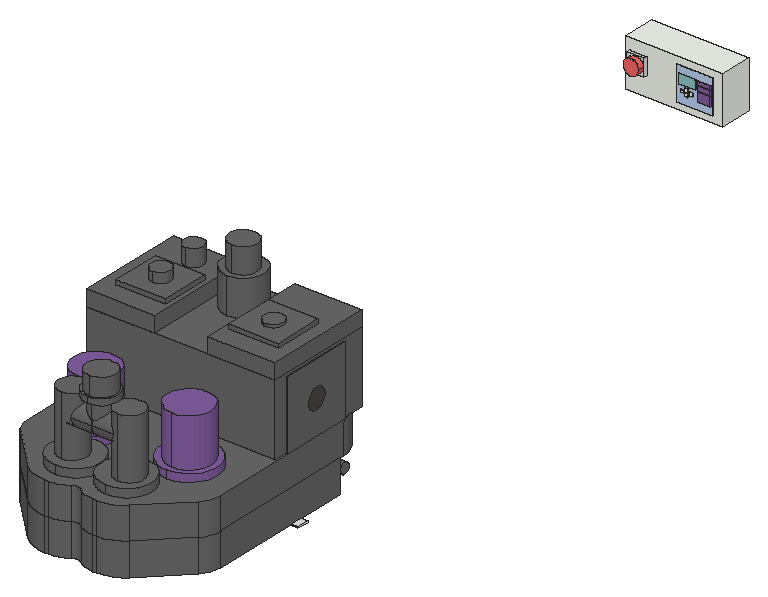
Revit family "11095", category Generic Models, Revit 2021
Family settings
  Can host rebar = No
  Round Connector Dimension = Use Diameter
  Part Type = Normal
  Work Plane-Based = No
  Always vertical = Yes
  Cut with Voids When Loaded = No
  Shared = Yes
  Room Calculation Point = No
Parameters (values of type "11095")
  SUPPLIER = "KESSEL"
  SA700ID49 = "Protection Class I"
  SA700ID48 = "no"
  SA700ID47 = "no"
  SA700ID46 = "yes"
  SA700ID37 = 8000 mm
  SA700ID34 = 40
  SA700ID33 = 1.4 W
  SA700ID32 = 97.13 kg
  SA700ID31 = 1
  SA700ID30 = 2
  SA700ID29 = "RWDR"
  SA700ID21 = 800
  SA700ID10 = "yes"
  SA700ID08 = 400 V
  PROCUREWEBLINK = "https://p.caden.as/kessel/11095"
  PROCURELINK = "p.caden.as/kessel/11095"
  PROCUREDATALASTUPDATE = "2024-05-22T12:18:04.164613728+01:00"
  PREVIEW = "../../_pool_/e0/2b/11095.png"
  PRC_SPECIFICATIONLINK = "https://ausschreiben.de/catalog/kessel/catalogItem/0493e3ba-d647-4389-9e2f-8c3d746f06e9"
  NN = "Lifting station Aqualift F XL"
  NBSYN = "$SA810ID03."
  NB = "11095"
  Model = "11095"
  Manufacturer = "KESSEL"
  MIdent = "{$CADENAS_DATA/23d-libs/kessel/kessel_vdi_import/4/entwaesserung/hebeanlage20aqualift20f20xl.prj},201 {STYP=ASS},{VTYP=3D},{NB=11095},{LINA=11095},{NN=Lifting station Aqualift F XL},{DATE=21.11.2022 10:48:11},{GEOMDATE=21.11.2022 10:48:11},{VERSION=},{LINEID=220},{WBVAR=LODLEVEL},{WBNUMERIC=LODLEVEL}  {NB=11095},{LINA=11095},{KT=DUMMY},{PREVIEW=../../_pool_/e0/2b/11095.png},{SA700ID04=Hebeanlage Aqualift F XL 200 l, Duo, SPF 1500-S1},{SA810ID06=04026092057629},{SA700ID34=40.00},{SA010ID03=201805},{SA810ID03=11095},{SA810ID10=Aqualift F XL 1500W-S1 Duo 200L o.S.KESSEL Aqualift F XL Hebeanlage für fäkalienhaltiges und fäkalienfreies Abwasser. Zur Aufstellung in frostgeschützten Räumen.Duoanlage mit zwei Pumpen des Typs SPF 1500-S1 Sammelbehälter aus Polyethylen, mit verschraubter Reinigungsöffnung, Anschlussstutzen für Zulauf von oben DN100/150.Inklusive Tauchrohr zur pneumatischen Niveauerfassung,Entlüftungsanschluss DN 70 und Anschluss für eine Handmembranpumpe DN 32.Behälter inklusive Haltewinkel zur Auftriebssicherung.Behältervolumen 200 Liter, max. Nutzvolumen bei Zulauf von oben ca. 120 Liter.Zwei seitliche und zwei rückseitige Anbohrflächen zur Montage weiterer Zuläufe bis DN 200 unter Verwendung von Durchgangsdichtungen.Inklusive KESSEL Schaltgerät Aqualift Comfort 400 V.Anwenderfreundliche Menüführung im mehrzeiligem Display. MitSelbstdiagnosesystem (SDS) und Erinnerungsfunktion für nächste Wartung.Anzeige der aktuellen Messwerte. Einfache Einstellung derfunktionsrelevanten Parameter, inklusive Betriebsstundenzähler und potentialfreiem Kontakt. Optionale Weiterleitung von Alarm- und Sammelstörmeldung über GSM Schnittstelle.Schaltgerät mit Volltextanzeige in sechs Sprachen.Abwasserpumpe(n) mit Freistromrad zur Förderung von fäkalienfreiem und fäkalienhaltigem Abwasser gemäß DIN EN 12050-1. Freier Kugeldurchgang mindestens 40 mm. Pumpe(n) überflutungssicher. Inklusive Rückflussverhinderer, mit Druckabgang aus Kunststoff DN 100. Ohne Absperrschieber.Pumpe(n) Typ SPF 1500-S1Fördermenge: max. 40 m³/hFörderhöhe: max. 8 mNennleistung (P2): 1,1 KW je PumpeAufnahmeleistung (P1): 1,4 KW je PumpeBetriebsspannung: 400 V DSNennfrequenz: 50 HzNennstrom: 2,7 AAbsicherung: 3 x 16 A trägeSchutzart (Pumpe): IP68 3mWS/48hSchutzart (Schaltgerät): IP 65Bertiebsart: S1Kabellänge: 5 mAußenmaße Anlage mit 200 Liter Behälter (BxTxH): 760 x 980 x 770 mmGewicht ca. 97,13 kg},{SA700ID37=8.00},{SA700ID33=1.40},{SA700ID08=400},{SA700ID30=2},{SA700ID32=97.13},{SA700ID49=Schutzklasse I},{SA700ID50=intern},{SA200ID03=6},{SA250ID03=vertikal},{SA260ID03=Trockenläuferpumpe},{SA350ID03=normalansaugend},{SA400ID03=E-Motor für Drehstrom},{SA460ID03=direkt},{SA500ID03=Kunststoff, Edelstahl},{SA700ID06=100},{SA700ID07=100},{SA700ID09=3/N/PE 400V},{SA700ID10=Ja},{SA700ID11=50},{SA700ID12=IP 68},{SA700ID13=F},{SA700ID15=40},{SA700ID21=800.00},{SA700ID22=1.10},{SA700ID23=1415},{SA700ID24=1415},{SA700ID26=2.70},{SA700ID27=21.00},{SA700ID28=durchgehend},{SA700ID29=RWDR},{SA700ID31=1},{SA700ID46=ja},{SA700ID47=nein},{SA700ID48=nein},{SA110ID04=Hebeanlage Aqualift F XL},{SA300ID03=einstufig},{SA700ID44=10.00},{SA700ID45=10.00},{SA010ID04=KESSEL AG},{LODLEVEL=200},{LINK=https://www.kessel.de/info?han=11095},{SA970ID01=970},{SA970ID02=7138},{SA970ID03=11095},{SA970ID04=11002617},{SA970ID05=QUAD},{SA970ID06=-410},{SA970ID07=-850},{SA970ID08=0},{SA970ID09=1},{SA970ID10=0},{SA970ID11=0},{SA970ID12=0},{SA970ID13=1},{SA970ID14=0},{SA970ID15=820},{SA970ID16=980},{SA970ID17=771},{LODLEVEL_=200,'Low'},{LODLEVEL_DEU=200,'Low'},{LINK_=https://www.kessel.de/info?han=11095},{LINK_DEU=https://www.kessel.de/info?han=11095},{LODLEVEL_3DB=11095_200},{DNIN1=100},{DNIN2=70},{DNIN4=10},{DNIN5=10},{DNIN6=50},{DNIN7=50},{DNIN8=50},{DNIN9=50},{DNOUT1=32},{DNOUT2=100},{DNOUT3=70},{ISD1=96},{ISD2=10},{ISDOUT1=40},{ISDOUT2=70},{ISDOUT3=65},{SA010ID01=010},{SA010ID02=4},{SA010ID06=www.kessel.de},{SA010ID07=www.kessel.de},{SA010ID12=20180713},{SA010ID13=DEU},{SA010ID14=DE},{SA100ID01=100},{SA100ID02=4},{SA100ID04=Entwässerung},{SA110ID01=110},{SA110ID02=6},{SA200ID01=200},{SA200ID02=6},{SA250ID01=250},{SA250ID02=2},{SA260ID01=260},{SA260ID02=2},{SA300ID01=300},{SA300ID02=1},{SA350ID01=350},{SA350ID02=1},{SA400ID01=400},{SA400ID02=2},{SA460ID01=460},{SA460ID02=1},{SA500ID01=500},{SA500ID02=1},{SA700ID01=700},{SA700ID02=70},{SA700ID10_=1},{SA700ID16=0},{SA700ID25=0},{SA700ID46_=1},{SA700ID47_=0},{SA700ID48_=0},{SA700ID49_=1},{SA700ID50_=2},{SA800ID01=800},{SA800ID02=34},{SA810ID01=810},{SA810ID02=70},{SA810ID04=11095},{SA810ID07=70},{SA810ID09=1},{SA810ID14=PCE},{SA810ID15=1},{SA810ID16=NMP},{SA960ID03=70},{SA960ID04=3L},{SA960ID08=https://www.kessel.de/info?han=11095},{SA010ID08=4026092000007},{SA100ID05=Hebeanlage},{SA110ID06=Hebeanlage}"
  LINK = "https://www.kessel.de/info?han=11095"
  LINA = "11095"
  Default Elevation = 0 mm
  CREATOR = "CADENAS GmbH"
  CATALOG = "KESSEL"
  BOMINFO = "LINA"
  ARTICLENO = "NB"
  4.810.00.9 Order quantity (multiplicator) = "1"
  4.810.00.7 Media- connection number = "70"
  4.810.00.6 GTIN number = "04026092057629"
  4.810.00.4 DATANORM number = "11095"
  4.810.00.3 Producer order number = "11095"
  4.710.03.7 Mass (net) = 97.13 kg
  4.710.03.6 Height = 788 mm
  4.710.03.5 Width = 760 mm
  4.710.03.4 Length = 980 mm
  4.710.03.3 Type of dimensions = "2"
  4.710.02.8 Area of application of wastewater pump = "1"
  4.710.02.6 Duty type = "S1"
  4.710.02.5 Cutting device = "0"
  4.710.02.4 Attached pump control = "1"
  4.710.02.3 Free passage = 40 mm
  4.710.01.6 Option to connect to building automation = "40"
  4.710.01.5 Load regulation = "0"
  4.710.01.4 Designation of closed-loop control = "120"
  4.710.01.3 Identifier for closed-loop control = "200"
  4.700.00.9 Voltage = 0
  4.700.00.8 Nominal connection size on suction side = "100"
  4.700.00.7 Nominal connection size on pressure side = "100"
  4.700.00.6 Type of connection = "100"
  4.700.00.4 Product indentification = "Hebeanlage Aqualift F XL 200 l, Duo, SPF 1500-S1"
  4.700.00.28 Motor pump shaft = "durchgehend"
  4.700.00.27 Starting current = 21
  4.700.00.26 Maximum power consumption per pump / drive = 2.7
  4.700.00.25 Minimum speed at internal speed adjustment = 0
  4.700.00.24 Nominal speed / maximum speed n = 23.5833
  4.700.00.23 Nominal speed of motor = 23.5833
  4.700.00.22 Maximum shaft output (P2) per pump/drive = 1.1 W
  4.700.00.16 Maximum temperature of pumped medium = 0 °C
  4.700.00.15 Increased safety class = "40 °C"
  4.700.00.13 Type of protection = "F"
  4.700.00.12 Frequency = 0
  4.700.00.11 Stern-/Dreieck-Anlaufschaltung bei Dreiphasenanschluss oder Drehstrom = "50 Hz"
  4.700.00.10 Phase = "1"
  4.500.00.3 Variant / Variant type / Accessories-name = "Kunststoff, Edelstahl"
  4.460.00.3 Variant / Variant type / Accessories-name = "direkt"
  4.400.00.3 Variant / Variant type / Accessories-name = "E-Motor für Drehstrom"
  4.350.00.3 Variant / Variant type / Accessories-name = "normalansaugend"
  4.300.00.3 Variant / Variant type / Accessories-name = "einstufig"
  4.260.00.3 Variant / Variant type / Accessories-name = "Trockenläuferpumpe"
  4.250.00.3 Variant / Variant type / Accessories-name = "vertikal"
  4.200.00.3 Variant / Variant type / Accessories-name = "6"
  4.110.00.6 Product classification = "Hebeanlage"
  4.110.00.4 Product indentification = "Hebeanlage Aqualift F XL"
  4.100.00.5 Main groups of wares = "Hebeanlage"
  4.100.00.4 Product indentification = "Entwässerung"
  4.010.00.8 Producer ID number = "4026092000007"
  4.010.00.7 Comment = "www.kessel.de"
  4.010.00.6 Web address of the manufacturer = "www.kessel.de"
  4.010.00.4 Manufacturer name = "KESSEL AG"
  4.010.00.3 Date of issuance (month) of guideline = "201805"
  4.010.00.2 Sheet number of the guideline = "4"
  4.010.00.14 Kennungen der Projektländer, für die die Datei gültig ist = "DE"
  4.010.00.13 Sprache der Datei = "DEU"
  4.010.00.12 Stand des Herstellerkatalogs = "20180713"
Reference planes
  plane 1 "Center (Front/Back)": y = 0
  plane 2: z = 0
  plane 3 "Center (Left/Right)": x = 0
Forms (mm)
  Extrusion 1, void
    sketch origin (380.5, -115, 392) x (0, -1, 0) y (0, 0, 1)
      loop
        line (-0.5, -0.5) -> (0.5, -0.5) -> (0.5, 0.5) -> (-0.5, 0.5) -> (-0.5, -0.5)
    from 0 to 1
  Extrusion 2, void
    sketch origin (160.15, 130.5, 392) x (1, 0, 0) y (0, 0, 1)
      loop
        line (-0.5, -0.5) -> (0.5, -0.5) -> (0.5, 0.5) -> (-0.5, 0.5) -> (-0.5, -0.5)
    from 0 to 1
  Extrusion 3, void
    sketch origin (-161, 130.5, 392) x (1, 0, 0) y (0, 0, 1)
      loop
        line (-0.5, -0.5) -> (0.5, -0.5) -> (0.5, 0.5) -> (-0.5, 0.5) -> (-0.5, -0.5)
    from 0 to 1
  Extrusion 4, void
    sketch origin (-380.5, -115, 392) x (0, 1, 0) y (0, 0, 1)
      loop
        line (-0.5, -0.5) -> (0.5, -0.5) -> (0.5, 0.5) -> (-0.5, 0.5) -> (-0.5, -0.5)
    from 0 to 1
Dimensions and locks
  locked: plane 2 to Extrusion 1 at 392.5
  locked: plane 2 to Extrusion 1 at 391.5
  locked: plane 2 to Extrusion 2 at 392.5
  locked: plane 2 to Extrusion 2 at 391.5
  locked: plane 2 to Extrusion 3 at 392.5
  locked: plane 2 to Extrusion 3 at 391.5
  locked: plane 2 to Extrusion 4 at 392.5
  locked: plane 2 to Extrusion 4 at 391.5
  aligned and locked: level to plane 2
Nested families
  nested 1: "11095_content" at (0, 0, 0), type "11095_Content"
  nested 2: "11095_part1_X0Y0" at (1000, 1000, 1200), type "11095_PART1_X0Y0"
  nested 3: "11095_part2_X0Y0" at (0, 0, 0), type "11095_PART2_X0Y0"
Connectors
  electrical at (861, 933, 1201.5)
    settings: on nested 2, index 1, voltage 0 V, apparent load 0 VA, apparent load phase1 0 VA, apparent load phase2 0 VA, apparent load phase3 0 VA, power factor 1, load classification "Other", number of poles 1, system type 31, power factor state 1, is connector primary yes, connector utility no, sub classification motor no, connector description ""
  piping at (0, 0, 771), diameter 100
    settings: on nested 3, index 2, connector inside diameter 609.6 mm, connector length 0 mm, flow factor 0, pipe flow 0.0 L/s, pressure drop 0.0 Pa, fitting loss kfactor 0, connector angle 0.00°, fixture units 0, engagement length 0 mm, angle of deflection 0.00°, flow configuration 0, flow direction 1, fitting loss method 2, system type 8, joint type 0, gender type 0, connector reference index -1, connector utility 0, adjustable connector no, is connector primary yes, connector description ""
  piping at (380.5, -115, 392), diameter 70
    settings: on Extrusion 1, index 3, connector inside diameter 609.6 mm, connector length 0 mm, flow factor 0, pipe flow 0.0 L/s, pressure drop 0.0 Pa, fitting loss kfactor 0, connector angle 0.00°, fixture units 0, engagement length 0 mm, angle of deflection 0.00°, flow configuration 0, flow direction 0, fitting loss method 2, system type 8, joint type 0, gender type 0, connector reference index -1, connector utility 0, adjustable connector no, is connector primary no, connector description ""
  piping at (160.15, 130.5, 392), diameter 70
    settings: on Extrusion 2, index 4, connector inside diameter 609.6 mm, connector length 0 mm, flow factor 0, pipe flow 0.0 L/s, pressure drop 0.0 Pa, fitting loss kfactor 0, connector angle 0.00°, fixture units 0, engagement length 0 mm, angle of deflection 0.00°, flow configuration 0, flow direction 0, fitting loss method 2, system type 8, joint type 0, gender type 0, connector reference index -1, connector utility 0, adjustable connector no, is connector primary no, connector description ""
  piping at (-161, 130.5, 392), diameter 70
    settings: on Extrusion 3, index 5, connector inside diameter 609.6 mm, connector length 0 mm, flow factor 0, pipe flow 0.0 L/s, pressure drop 0.0 Pa, fitting loss kfactor 0, connector angle 0.00°, fixture units 0, engagement length 0 mm, angle of deflection 0.00°, flow configuration 0, flow direction 0, fitting loss method 2, system type 8, joint type 0, gender type 0, connector reference index -1, connector utility 0, adjustable connector no, is connector primary no, connector description ""
  piping at (-380.5, -115, 392), diameter 70
    settings: on Extrusion 4, index 6, connector inside diameter 609.6 mm, connector length 0 mm, flow factor 0, pipe flow 0.0 L/s, pressure drop 0.0 Pa, fitting loss kfactor 0, connector angle 0.00°, fixture units 0, engagement length 0 mm, angle of deflection 0.00°, flow configuration 0, flow direction 0, fitting loss method 2, system type 8, joint type 0, gender type 0, connector reference index -1, connector utility 0, adjustable connector no, is connector primary no, connector description ""
  piping at (0, -700, 620), diameter 100
    settings: on nested 3, index 7, connector inside diameter 609.6 mm, connector length 0 mm, flow factor 0, pipe flow 0.0 L/s, pressure drop 0.0 Pa, fitting loss kfactor 0, connector angle 0.00°, fixture units 0, engagement length 0 mm, angle of deflection 0.00°, flow configuration 0, flow direction 2, fitting loss method 2, system type 7, joint type 0, gender type 0, connector reference index -1, connector utility 0, adjustable connector no, is connector primary no, connector description ""
  piping at (-225, 36, 661), diameter 70
    settings: on nested 3, index 8, connector inside diameter 609.6 mm, connector length 0 mm, flow factor 0, pipe flow 0.0 L/s, pressure drop 0.0 Pa, fitting loss kfactor 0, connector angle 0.00°, fixture units 0, engagement length 0 mm, angle of deflection 0.00°, flow configuration 0, flow direction 2, fitting loss method 2, system type 7, joint type 0, gender type 0, connector reference index -1, connector utility 0, adjustable connector no, is connector primary no, connector description ""
  piping at (354.5, 56, 60), diameter 32
    settings: on nested 3, index 9, connector inside diameter 609.6 mm, connector length 0 mm, flow factor 0, pipe flow 0.0 L/s, pressure drop 0.0 Pa, fitting loss kfactor 0, connector angle 0.00°, fixture units 0, engagement length 0 mm, angle of deflection 0.00°, flow configuration 0, flow direction 2, fitting loss method 2, system type 7, joint type 0, gender type 0, connector reference index -1, connector utility 0, adjustable connector no, is connector primary no, connector description ""
  electrical at (185, -497, 477)
    settings: on nested 3, index 10, voltage 0 V, apparent load 0 VA, apparent load phase1 0 VA, apparent load phase2 0 VA, apparent load phase3 0 VA, power factor 1, load classification "Other", number of poles 1, system type 31, power factor state 1, is connector primary no, connector utility no, sub classification motor no, connector description ""
  electrical at (-185, -496.75, 477)
    settings: on nested 3, index 11, voltage 0 V, apparent load 0 VA, apparent load phase1 0 VA, apparent load phase2 0 VA, apparent load phase3 0 VA, power factor 1, load classification "Other", number of poles 1, system type 31, power factor state 1, is connector primary no, connector utility no, sub classification motor no, connector description ""
  electrical at (-222.5, -129, 650)
    settings: on nested 3, index 12, voltage 0 V, apparent load 0 VA, apparent load phase1 0 VA, apparent load phase2 0 VA, apparent load phase3 0 VA, power factor 1, load classification "Other", number of poles 1, system type 31, power factor state 1, is connector primary no, connector utility no, sub classification motor no, connector description ""
Definition of nested family "11095_part1_X0Y0"
  Parameters (values of type "11095_PART1_X0Y0")
    SUPPLIER = "KESSEL"
    SA700ID49 = "Protection Class I"
    SA700ID48 = "no"
    SA700ID47 = "no"
    SA700ID46 = "yes"
    SA700ID37 = 8000 mm
    SA700ID34 = 40
    SA700ID33 = 1.4 W
    SA700ID32 = 97.13 kg
    SA700ID31 = 1
    SA700ID30 = 2
    SA700ID29 = "RWDR"
    SA700ID21 = 800
    SA700ID10 = "yes"
    SA700ID08 = 400 V
    PREVIEW = "../../_pool_/e0/2b/11095.png"
    NBSYN = "$SA810ID03._PART1"
    NB = "11095_PART1"
    Model = "11095_PART1"
    Manufacturer = "KESSEL"
    MIdent = "{$CADENAS_DATA/23d-libs/kessel/kessel_vdi_import/4/entwaesserung/hebeanlage20aqualift20f20xl.prj},221 {VTYP=3D},{NB=11095_PART1},{LINA=11095_PART1},{NN=Lifting station Aqualift F XL_PART1},{NOPRJ=TRUE},{DATE=21.11.2022 10:48:11},{GEOMDATE=21.11.2022 10:48:11},{VERSION=},{LINEID=220},{WBVAR=LODLEVEL},{WBNUMERIC=LODLEVEL}  {NB=11095_PART1},{LINA=11095_PART1},{KT=DUMMY},{PREVIEW=../../_pool_/e0/2b/11095.png},{SA700ID04=Hebeanlage Aqualift F XL 200 l, Duo, SPF 1500-S1},{SA810ID06=04026092057629},{SA700ID34=40.00},{SA010ID03=201805},{SA810ID03=11095},{SA810ID10=Aqualift F XL 1500W-S1 Duo 200L o.S.KESSEL Aqualift F XL Hebeanlage für fäkalienhaltiges und fäkalienfreies Abwasser. Zur Aufstellung in frostgeschützten Räumen.Duoanlage mit zwei Pumpen des Typs SPF 1500-S1 Sammelbehälter aus Polyethylen, mit verschraubter Reinigungsöffnung, Anschlussstutzen für Zulauf von oben DN100/150.Inklusive Tauchrohr zur pneumatischen Niveauerfassung,Entlüftungsanschluss DN 70 und Anschluss für eine Handmembranpumpe DN 32.Behälter inklusive Haltewinkel zur Auftriebssicherung.Behältervolumen 200 Liter, max. Nutzvolumen bei Zulauf von oben ca. 120 Liter.Zwei seitliche und zwei rückseitige Anbohrflächen zur Montage weiterer Zuläufe bis DN 200 unter Verwendung von Durchgangsdichtungen.Inklusive KESSEL Schaltgerät Aqualift Comfort 400 V.Anwenderfreundliche Menüführung im mehrzeiligem Display. MitSelbstdiagnosesystem (SDS) und Erinnerungsfunktion für nächste Wartung.Anzeige der aktuellen Messwerte. Einfache Einstellung derfunktionsrelevanten Parameter, inklusive Betriebsstundenzähler und potentialfreiem Kontakt. Optionale Weiterleitung von Alarm- und Sammelstörmeldung über GSM Schnittstelle.Schaltgerät mit Volltextanzeige in sechs Sprachen.Abwasserpumpe(n) mit Freistromrad zur Förderung von fäkalienfreiem und fäkalienhaltigem Abwasser gemäß DIN EN 12050-1. Freier Kugeldurchgang mindestens 40 mm. Pumpe(n) überflutungssicher. Inklusive Rückflussverhinderer, mit Druckabgang aus Kunststoff DN 100. Ohne Absperrschieber.Pumpe(n) Typ SPF 1500-S1Fördermenge: max. 40 m³/hFörderhöhe: max. 8 mNennleistung (P2): 1,1 KW je PumpeAufnahmeleistung (P1): 1,4 KW je PumpeBetriebsspannung: 400 V DSNennfrequenz: 50 HzNennstrom: 2,7 AAbsicherung: 3 x 16 A trägeSchutzart (Pumpe): IP68 3mWS/48hSchutzart (Schaltgerät): IP 65Bertiebsart: S1Kabellänge: 5 mAußenmaße Anlage mit 200 Liter Behälter (BxTxH): 760 x 980 x 770 mmGewicht ca. 97,13 kg},{SA700ID37=8.00},{SA700ID33=1.40},{SA700ID08=400},{SA700ID30=2},{SA700ID32=97.13},{SA700ID49=Schutzklasse I},{SA700ID50=intern},{SA200ID03=6},{SA250ID03=vertikal},{SA260ID03=Trockenläuferpumpe},{SA350ID03=normalansaugend},{SA400ID03=E-Motor für Drehstrom},{SA460ID03=direkt},{SA500ID03=Kunststoff, Edelstahl},{SA700ID06=100},{SA700ID07=100},{SA700ID09=3/N/PE 400V},{SA700ID10=Ja},{SA700ID11=50},{SA700ID12=IP 68},{SA700ID13=F},{SA700ID15=40},{SA700ID21=800.00},{SA700ID22=1.10},{SA700ID23=1415},{SA700ID24=1415},{SA700ID26=2.70},{SA700ID27=21.00},{SA700ID28=durchgehend},{SA700ID29=RWDR},{SA700ID31=1},{SA700ID46=ja},{SA700ID47=nein},{SA700ID48=nein},{SA110ID04=Hebeanlage Aqualift F XL},{SA300ID03=einstufig},{SA700ID44=10.00},{SA700ID45=10.00},{SA010ID04=KESSEL AG},{LODLEVEL=200},{LINK=https://www.kessel.de/info?han=11095},{SA970ID01=970},{SA970ID02=7138},{SA970ID03=11095},{SA970ID04=11002617},{SA970ID05=QUAD},{SA970ID06=-410},{SA970ID07=-850},{SA970ID08=0},{SA970ID09=1},{SA970ID10=0},{SA970ID11=0},{SA970ID12=0},{SA970ID13=1},{SA970ID14=0},{SA970ID15=820},{SA970ID16=980},{SA970ID17=771},{LODLEVEL_=200,'Low'},{LODLEVEL_DEU=200,'Low'},{LINK_=https://www.kessel.de/info?han=11095},{LINK_DEU=https://www.kessel.de/info?han=11095},{LODLEVEL_3DB=11095_200},{DNIN1=100},{DNIN2=70},{DNIN4=10},{DNIN5=10},{DNIN6=50},{DNIN7=50},{DNIN8=50},{DNIN9=50},{DNOUT1=32},{DNOUT2=100},{DNOUT3=70},{ISD1=96},{ISD2=10},{ISDOUT1=40},{ISDOUT2=70},{ISDOUT3=65},{SA010ID01=010},{SA010ID02=4},{SA010ID06=www.kessel.de},{SA010ID07=www.kessel.de},{SA010ID12=20180713},{SA010ID13=DEU},{SA010ID14=DE},{SA100ID01=100},{SA100ID02=4},{SA100ID04=Entwässerung},{SA110ID01=110},{SA110ID02=6},{SA200ID01=200},{SA200ID02=6},{SA250ID01=250},{SA250ID02=2},{SA260ID01=260},{SA260ID02=2},{SA300ID01=300},{SA300ID02=1},{SA350ID01=350},{SA350ID02=1},{SA400ID01=400},{SA400ID02=2},{SA460ID01=460},{SA460ID02=1},{SA500ID01=500},{SA500ID02=1},{SA700ID01=700},{SA700ID02=70},{SA700ID10_=1},{SA700ID16=0},{SA700ID25=0},{SA700ID46_=1},{SA700ID47_=0},{SA700ID48_=0},{SA700ID49_=1},{SA700ID50_=2},{SA800ID01=800},{SA800ID02=34},{SA810ID01=810},{SA810ID02=70},{SA810ID04=11095},{SA810ID07=70},{SA810ID09=1},{SA810ID14=PCE},{SA810ID15=1},{SA810ID16=NMP},{SA960ID03=70},{SA960ID04=3L},{SA960ID08=https://www.kessel.de/info?han=11095},{SA010ID08=4026092000007},{SA100ID05=Hebeanlage},{SA110ID06=Hebeanlage}"
    LINK = "https://www.kessel.de/info?han=11095"
    LINA = "11095_PART1"
    Default Elevation = 1219.2 mm
    CREATOR = "CADENAS GmbH"
    CATALOG = "KESSEL"
    BOMINFO = "LINA"
    ARTICLENO = "NB"
    4.810.00.9 Order quantity (multiplicator) = "1"
    4.810.00.7 Media- connection number = "70"
    4.810.00.6 GTIN number = "04026092057629"
    4.810.00.4 DATANORM number = "11095"
    4.810.00.3 Producer order number = "11095"
    4.710.03.7 Mass (net) = 97.13 kg
    4.710.03.6 Height = 788 mm
    4.710.03.5 Width = 760 mm
    4.710.03.4 Length = 980 mm
    4.710.03.3 Type of dimensions = "2"
    4.710.02.8 Area of application of wastewater pump = "1"
    4.710.02.6 Duty type = "S1"
    4.710.02.5 Cutting device = "0"
    4.710.02.4 Attached pump control = "1"
    4.710.02.3 Free passage = 40 mm
    4.710.01.6 Option to connect to building automation = "40"
    4.710.01.5 Load regulation = "0"
    4.710.01.4 Designation of closed-loop control = "120"
    4.710.01.3 Identifier for closed-loop control = "200"
    4.700.00.9 Voltage = 0
    4.700.00.8 Nominal connection size on suction side = "100"
    4.700.00.7 Nominal connection size on pressure side = "100"
    4.700.00.6 Type of connection = "100"
    4.700.00.4 Product indentification = "Hebeanlage Aqualift F XL 200 l, Duo, SPF 1500-S1"
    4.700.00.28 Motor pump shaft = "durchgehend"
    4.700.00.27 Starting current = 21
    4.700.00.26 Maximum power consumption per pump / drive = 2.7
    4.700.00.25 Minimum speed at internal speed adjustment = 0
    4.700.00.24 Nominal speed / maximum speed n = 23.5833
    4.700.00.23 Nominal speed of motor = 23.5833
    4.700.00.22 Maximum shaft output (P2) per pump/drive = 1.1 W
    4.700.00.16 Maximum temperature of pumped medium = 0 °C
    4.700.00.15 Increased safety class = "40 °C"
    4.700.00.13 Type of protection = "F"
    4.700.00.12 Frequency = 0
    4.700.00.11 Stern-/Dreieck-Anlaufschaltung bei Dreiphasenanschluss oder Drehstrom = "50 Hz"
    4.700.00.10 Phase = "1"
    4.500.00.3 Variant / Variant type / Accessories-name = "Kunststoff, Edelstahl"
    4.460.00.3 Variant / Variant type / Accessories-name = "direkt"
    4.400.00.3 Variant / Variant type / Accessories-name = "E-Motor für Drehstrom"
    4.350.00.3 Variant / Variant type / Accessories-name = "normalansaugend"
    4.300.00.3 Variant / Variant type / Accessories-name = "einstufig"
    4.260.00.3 Variant / Variant type / Accessories-name = "Trockenläuferpumpe"
    4.250.00.3 Variant / Variant type / Accessories-name = "vertikal"
    4.200.00.3 Variant / Variant type / Accessories-name = "6"
    4.110.00.6 Product classification = "Hebeanlage"
    4.110.00.4 Product indentification = "Hebeanlage Aqualift F XL"
    4.100.00.5 Main groups of wares = "Hebeanlage"
    4.100.00.4 Product indentification = "Entwässerung"
    4.010.00.8 Producer ID number = "4026092000007"
    4.010.00.7 Comment = "www.kessel.de"
    4.010.00.6 Web address of the manufacturer = "www.kessel.de"
    4.010.00.4 Manufacturer name = "KESSEL AG"
    4.010.00.3 Date of issuance (month) of guideline = "201805"
    4.010.00.2 Sheet number of the guideline = "4"
    4.010.00.14 Kennungen der Projektländer, für die die Datei gültig ist = "DE"
    4.010.00.13 Sprache der Datei = "DEU"
    4.010.00.12 Stand des Herstellerkatalogs = "20180713"
  Reference planes
    plane 1 "Center (Front/Back)": y = 0
    plane 2: z = 0
    plane 3 "Center (Left/Right)": x = 0
  Dimensions and locks
    aligned and locked: level to plane 2
  Nested families
    nested 1: "11095_part1_content" at (0, 0, 0), type "11095_PART1_Content"
  Definition of nested family "11095_part1_content"
    Parameters (values of type "11095_PART1_Content")
      SUPPLIER = "KESSEL"
      SA700ID49 = "Protection Class I"
      SA700ID48 = "no"
      SA700ID47 = "no"
      SA700ID46 = "yes"
      SA700ID37 = 8000 mm
      SA700ID34 = 40
      SA700ID33 = 1.4 W
      SA700ID32 = 97.13 kg
      SA700ID31 = 1
      SA700ID30 = 2
      SA700ID29 = "RWDR"
      SA700ID21 = 800
      SA700ID10 = "yes"
      SA700ID08 = 400 V
      PREVIEW = "../../_pool_/e0/2b/11095.png"
      NBSYN = "$SA810ID03._PART1"
      NB = "11095_PART1"
      Model = "11095_PART1"
      Manufacturer = "KESSEL"
      LINK = "https://www.kessel.de/info?han=11095"
      LINA = "11095_PART1"
      Default Elevation = 1219.2 mm
      CREATOR = "CADENAS GmbH"
      CATALOG = "KESSEL"
      BOMINFO = "LINA"
      ARTICLENO = "NB"
      4.810.00.9 Order quantity (multiplicator) = "1"
      4.810.00.7 Media- connection number = "70"
      4.810.00.6 GTIN number = "04026092057629"
      4.810.00.4 DATANORM number = "11095"
      4.810.00.3 Producer order number = "11095"
      4.710.03.7 Mass (net) = 97.13 kg
      4.710.03.6 Height = 788 mm
      4.710.03.5 Width = 760 mm
      4.710.03.4 Length = 980 mm
      4.710.03.3 Type of dimensions = "2"
      4.710.02.8 Area of application of wastewater pump = "1"
      4.710.02.6 Duty type = "S1"
      4.710.02.5 Cutting device = "0"
      4.710.02.4 Attached pump control = "1"
      4.710.02.3 Free passage = 40 mm
      4.710.01.6 Option to connect to building automation = "40"
      4.710.01.5 Load regulation = "0"
      4.710.01.4 Designation of closed-loop control = "120"
      4.710.01.3 Identifier for closed-loop control = "200"
      4.700.00.9 Voltage = 0
      4.700.00.8 Nominal connection size on suction side = "100"
      4.700.00.7 Nominal connection size on pressure side = "100"
      4.700.00.6 Type of connection = "100"
      4.700.00.4 Product indentification = "Hebeanlage Aqualift F XL 200 l, Duo, SPF 1500-S1"
      4.700.00.28 Motor pump shaft = "durchgehend"
      4.700.00.27 Starting current = 21
      4.700.00.26 Maximum power consumption per pump / drive = 2.7
      4.700.00.25 Minimum speed at internal speed adjustment = 0
      4.700.00.24 Nominal speed / maximum speed n = 23.5833
      4.700.00.23 Nominal speed of motor = 23.5833
      4.700.00.22 Maximum shaft output (P2) per pump/drive = 1.1 W
      4.700.00.16 Maximum temperature of pumped medium = 0 °C
      4.700.00.15 Increased safety class = "40 °C"
      4.700.00.13 Type of protection = "F"
      4.700.00.12 Frequency = 0
      4.700.00.11 Stern-/Dreieck-Anlaufschaltung bei Dreiphasenanschluss oder Drehstrom = "50 Hz"
      4.700.00.10 Phase = "1"
      4.500.00.3 Variant / Variant type / Accessories-name = "Kunststoff, Edelstahl"
      4.460.00.3 Variant / Variant type / Accessories-name = "direkt"
      4.400.00.3 Variant / Variant type / Accessories-name = "E-Motor für Drehstrom"
      4.350.00.3 Variant / Variant type / Accessories-name = "normalansaugend"
      4.300.00.3 Variant / Variant type / Accessories-name = "einstufig"
      4.260.00.3 Variant / Variant type / Accessories-name = "Trockenläuferpumpe"
      4.250.00.3 Variant / Variant type / Accessories-name = "vertikal"
      4.200.00.3 Variant / Variant type / Accessories-name = "6"
      4.110.00.6 Product classification = "Hebeanlage"
      4.110.00.4 Product indentification = "Hebeanlage Aqualift F XL"
      4.100.00.5 Main groups of wares = "Hebeanlage"
      4.100.00.4 Product indentification = "Entwässerung"
      4.010.00.8 Producer ID number = "4026092000007"
      4.010.00.7 Comment = "www.kessel.de"
      4.010.00.6 Web address of the manufacturer = "www.kessel.de"
      4.010.00.4 Manufacturer name = "KESSEL AG"
      4.010.00.3 Date of issuance (month) of guideline = "201805"
      4.010.00.2 Sheet number of the guideline = "4"
      4.010.00.14 Kennungen der Projektländer, für die die Datei gültig ist = "DE"
      4.010.00.13 Sprache der Datei = "DEU"
      4.010.00.12 Stand des Herstellerkatalogs = "20180713"
    Reference planes
      plane 1 "Center (Front/Back)": y = 0
      plane 2: z = 0
      plane 3 "Center (Left/Right)": x = 0
    Forms (mm)
      Extrusion 1, solid, detail levels medium+fine
        sketch origin (189.25, -1.75, 0.2) x (0, -1, 0) y (0, 0, 1)
          loop
            line (0, 187.8) -> (0, 0) -> (127.75, 0) -> (127.75, 187.8) -> (0, 187.8)
        from 0 to 378.5
      Extrusion 2, solid, detail levels medium+fine
        sketch origin (-4, -67, 0) x (0, 1, 0) y (-1, 0, 0)
          loop
            circle (0, 0) r 12.5
        from 0 to 1.5
      Extrusion 3, solid, detail levels medium+fine
        sketch origin (150.8, -129.5, 26.5) x (0, -1, 0) y (0, 0, 1)
          loop
            line (-1.2, 134.8) -> (-1.2, 0) -> (0.25, 0) -> (0.25, 134.8) -> (-1.2, 134.8)
        from 0 to 139.9
      Extrusion 4, solid, detail levels medium+fine
        sketch origin (72.55, -129.75, 66) x (0, -1, 0) y (0, 0, 1)
          loop
            line (-1, 12) -> (-1, 0) -> (0.5, 0) -> (0.5, 12) -> (-1, 12)
        from 0 to 12
      Extrusion 5, solid, detail levels medium+fine
        sketch origin (84.45, -129.75, 93.4) x (0, -1, 0) y (0, 0, 1)
          loop
            line (-1, 37) -> (-1, 0) -> (0.5, 0) -> (0.5, 37) -> (-1, 37)
        from 0 to 66
      Extrusion 6, solid, detail levels medium+fine
        sketch origin (55.3, -129.75, 74) x (0, -1, 0) y (0, 0, 1)
          loop
            line (-1, 12) -> (-1, 0) -> (0.5, 0) -> (0.5, 12) -> (-1, 12)
        from 0 to 12
      Extrusion 7, solid, detail levels medium+fine
        sketch origin (143.3, -129.75, 94.4) x (0, -1, 0) y (0, 0, 1)
          loop
            line (0, 16) -> (0, 0) -> (1.75, 0) -> (1.75, 16) -> (0, 16)
        from 0 to 51
      Extrusion 8, solid, detail levels medium+fine
        sketch origin (143.3, -129.75, 54.4) x (0, -1, 0) y (0, 0, 1)
          loop
            line (0, 36) -> (0, 0) -> (1.75, 0) -> (1.75, 36) -> (0, 36)
        from 0 to 51
      Extrusion 9, solid, detail levels medium+fine
        sketch origin (55.3, -129.75, 57.5) x (0, -1, 0) y (0, 0, 1)
          loop
            line (-1, 12) -> (-1, 0) -> (0.5, 0) -> (0.5, 12) -> (-1, 12)
        from 0 to 12
      Extrusion 10, solid, detail levels medium+fine
        sketch origin (143.3, -129.75, 114.4) x (0, -1, 0) y (0, 0, 1)
          loop
            line (0, 16) -> (0, 0) -> (1.75, 0) -> (1.75, 16) -> (0, 16)
        from 0 to 51
      Extrusion 11, solid, detail levels medium+fine
        sketch origin (38.05, -129.75, 66) x (0, -1, 0) y (0, 0, 1)
          loop
            line (-1, 12) -> (-1, 0) -> (0.5, 0) -> (0.5, 12) -> (-1, 12)
        from 0 to 12
      Extrusion 12, solid, detail levels medium+fine
        sketch origin (47, -72, 0) x (0, 1, 0) y (-1, 0, 0)
          loop
            circle (0, 0) r 8
        from 0 to 1.5
      Extrusion 13, solid, detail levels medium+fine
        sketch origin (47, -42, 0) x (0, 1, 0) y (-1, 0, 0)
          loop
            circle (0, 0) r 5.25
        from 0 to 1.5
      Extrusion 14, solid, detail levels medium+fine
        sketch origin (77, -72, 0) x (0, 1, 0) y (-1, 0, 0)
          loop
            circle (0, 0) r 8
        from 0 to 1.5
      Extrusion 15, solid, detail levels medium+fine
        sketch origin (-94, -67, 0) x (0, 1, 0) y (-1, 0, 0)
          loop
            circle (0, 0) r 12.5
        from 0 to 1.5
      Extrusion 16, solid, detail levels medium+fine
        sketch origin (92, -42, 0) x (0, 1, 0) y (-1, 0, 0)
          loop
            circle (0, 0) r 8
        from 0 to 1.5
      Extrusion 17, solid, detail levels medium+fine
        sketch origin (107, -72, 0) x (0, 1, 0) y (-1, 0, 0)
          loop
            circle (0, 0) r 8
        from 0 to 1.5
      Extrusion 18, solid, detail levels medium+fine
        sketch origin (122, -42, 0) x (0, 1, 0) y (-1, 0, 0)
          loop
            circle (0, 0) r 8
        from 0 to 1.5
      Extrusion 19, solid, detail levels medium+fine
        sketch origin (-107.7, -129.5, 76.9) x (0, -1, 0) y (0, 0, 1)
          loop
            line (0, 67) -> (0, 0) -> (14, 0) -> (14, 67) -> (0, 67)
        from 0 to 67
      Extrusion 20, solid, detail levels medium+fine
        sketch origin (-141.2, -143.5, 110.4) x (1, 0, 0) y (0, 0, 1)
          loop
            circle (0, 0) r 30
        from 0 to 22
      Extrusion 21, solid, detail levels medium+fine
        sketch origin (127, -15, 0) x (0, 1, 0) y (-1, 0, 0)
          loop
            circle (0, 0) r 6
        from 0 to 1.5
      Extrusion 22, solid, detail levels medium+fine
        sketch origin (137, -72, 0) x (0, 1, 0) y (-1, 0, 0)
          loop
            circle (0, 0) r 8
        from 0 to 1.5
      Extrusion 23, solid, detail levels medium+fine
        sketch origin (-139, -67, 0) x (0, 1, 0) y (-1, 0, 0)
          loop
            circle (0, 0) r 12.5
        from 0 to 1.5
      Extrusion 24, solid, detail levels medium+fine
        sketch origin (152, -42, 0) x (0, 1, 0) y (-1, 0, 0)
          loop
            circle (0, 0) r 8
        from 0 to 1.5
      Extrusion 25, solid, detail levels coarse
        sketch origin (0, -83.625, 0) x (1, 0, 0) y (0, 1, 0)
          loop
            line (-189.25, -81.875) -> (189.25, -81.875) -> (189.25, 81.875) -> (-189.25, 81.875) -> (-189.25, -81.875)
        from 0 to 188
    Dimensions and locks
      aligned and locked: level to plane 2
Definition of nested family "11095_part2_X0Y0"
  Parameters (values of type "11095_PART2_X0Y0")
    SUPPLIER = "KESSEL"
    SA700ID49 = "Protection Class I"
    SA700ID48 = "no"
    SA700ID47 = "no"
    SA700ID46 = "yes"
    SA700ID37 = 8000 mm
    SA700ID34 = 40
    SA700ID33 = 1.4 W
    SA700ID32 = 97.13 kg
    SA700ID31 = 1
    SA700ID30 = 2
    SA700ID29 = "RWDR"
    SA700ID21 = 800
    SA700ID10 = "yes"
    SA700ID08 = 400 V
    PREVIEW = "../../_pool_/e0/2b/11095.png"
    NBSYN = "$SA810ID03._PART2"
    NB = "11095_PART2"
    Model = "11095_PART2"
    Manufacturer = "KESSEL"
    MIdent = "{$CADENAS_DATA/23d-libs/kessel/kessel_vdi_import/4/entwaesserung/hebeanlage20aqualift20f20xl.prj},221 {VTYP=3D},{NB=11095_PART2},{LINA=11095_PART2},{NN=Lifting station Aqualift F XL_PART2},{NOPRJ=TRUE},{DATE=21.11.2022 10:48:11},{GEOMDATE=21.11.2022 10:48:11},{VERSION=},{LINEID=220},{WBVAR=LODLEVEL},{WBNUMERIC=LODLEVEL}  {NB=11095_PART2},{LINA=11095_PART2},{KT=DUMMY},{PREVIEW=../../_pool_/e0/2b/11095.png},{SA700ID04=Hebeanlage Aqualift F XL 200 l, Duo, SPF 1500-S1},{SA810ID06=04026092057629},{SA700ID34=40.00},{SA010ID03=201805},{SA810ID03=11095},{SA810ID10=Aqualift F XL 1500W-S1 Duo 200L o.S.KESSEL Aqualift F XL Hebeanlage für fäkalienhaltiges und fäkalienfreies Abwasser. Zur Aufstellung in frostgeschützten Räumen.Duoanlage mit zwei Pumpen des Typs SPF 1500-S1 Sammelbehälter aus Polyethylen, mit verschraubter Reinigungsöffnung, Anschlussstutzen für Zulauf von oben DN100/150.Inklusive Tauchrohr zur pneumatischen Niveauerfassung,Entlüftungsanschluss DN 70 und Anschluss für eine Handmembranpumpe DN 32.Behälter inklusive Haltewinkel zur Auftriebssicherung.Behältervolumen 200 Liter, max. Nutzvolumen bei Zulauf von oben ca. 120 Liter.Zwei seitliche und zwei rückseitige Anbohrflächen zur Montage weiterer Zuläufe bis DN 200 unter Verwendung von Durchgangsdichtungen.Inklusive KESSEL Schaltgerät Aqualift Comfort 400 V.Anwenderfreundliche Menüführung im mehrzeiligem Display. MitSelbstdiagnosesystem (SDS) und Erinnerungsfunktion für nächste Wartung.Anzeige der aktuellen Messwerte. Einfache Einstellung derfunktionsrelevanten Parameter, inklusive Betriebsstundenzähler und potentialfreiem Kontakt. Optionale Weiterleitung von Alarm- und Sammelstörmeldung über GSM Schnittstelle.Schaltgerät mit Volltextanzeige in sechs Sprachen.Abwasserpumpe(n) mit Freistromrad zur Förderung von fäkalienfreiem und fäkalienhaltigem Abwasser gemäß DIN EN 12050-1. Freier Kugeldurchgang mindestens 40 mm. Pumpe(n) überflutungssicher. Inklusive Rückflussverhinderer, mit Druckabgang aus Kunststoff DN 100. Ohne Absperrschieber.Pumpe(n) Typ SPF 1500-S1Fördermenge: max. 40 m³/hFörderhöhe: max. 8 mNennleistung (P2): 1,1 KW je PumpeAufnahmeleistung (P1): 1,4 KW je PumpeBetriebsspannung: 400 V DSNennfrequenz: 50 HzNennstrom: 2,7 AAbsicherung: 3 x 16 A trägeSchutzart (Pumpe): IP68 3mWS/48hSchutzart (Schaltgerät): IP 65Bertiebsart: S1Kabellänge: 5 mAußenmaße Anlage mit 200 Liter Behälter (BxTxH): 760 x 980 x 770 mmGewicht ca. 97,13 kg},{SA700ID37=8.00},{SA700ID33=1.40},{SA700ID08=400},{SA700ID30=2},{SA700ID32=97.13},{SA700ID49=Schutzklasse I},{SA700ID50=intern},{SA200ID03=6},{SA250ID03=vertikal},{SA260ID03=Trockenläuferpumpe},{SA350ID03=normalansaugend},{SA400ID03=E-Motor für Drehstrom},{SA460ID03=direkt},{SA500ID03=Kunststoff, Edelstahl},{SA700ID06=100},{SA700ID07=100},{SA700ID09=3/N/PE 400V},{SA700ID10=Ja},{SA700ID11=50},{SA700ID12=IP 68},{SA700ID13=F},{SA700ID15=40},{SA700ID21=800.00},{SA700ID22=1.10},{SA700ID23=1415},{SA700ID24=1415},{SA700ID26=2.70},{SA700ID27=21.00},{SA700ID28=durchgehend},{SA700ID29=RWDR},{SA700ID31=1},{SA700ID46=ja},{SA700ID47=nein},{SA700ID48=nein},{SA110ID04=Hebeanlage Aqualift F XL},{SA300ID03=einstufig},{SA700ID44=10.00},{SA700ID45=10.00},{SA010ID04=KESSEL AG},{LODLEVEL=200},{LINK=https://www.kessel.de/info?han=11095},{SA970ID01=970},{SA970ID02=7138},{SA970ID03=11095},{SA970ID04=11002617},{SA970ID05=QUAD},{SA970ID06=-410},{SA970ID07=-850},{SA970ID08=0},{SA970ID09=1},{SA970ID10=0},{SA970ID11=0},{SA970ID12=0},{SA970ID13=1},{SA970ID14=0},{SA970ID15=820},{SA970ID16=980},{SA970ID17=771},{LODLEVEL_=200,'Low'},{LODLEVEL_DEU=200,'Low'},{LINK_=https://www.kessel.de/info?han=11095},{LINK_DEU=https://www.kessel.de/info?han=11095},{LODLEVEL_3DB=11095_200},{DNIN1=100},{DNIN2=70},{DNIN4=10},{DNIN5=10},{DNIN6=50},{DNIN7=50},{DNIN8=50},{DNIN9=50},{DNOUT1=32},{DNOUT2=100},{DNOUT3=70},{ISD1=96},{ISD2=10},{ISDOUT1=40},{ISDOUT2=70},{ISDOUT3=65},{SA010ID01=010},{SA010ID02=4},{SA010ID06=www.kessel.de},{SA010ID07=www.kessel.de},{SA010ID12=20180713},{SA010ID13=DEU},{SA010ID14=DE},{SA100ID01=100},{SA100ID02=4},{SA100ID04=Entwässerung},{SA110ID01=110},{SA110ID02=6},{SA200ID01=200},{SA200ID02=6},{SA250ID01=250},{SA250ID02=2},{SA260ID01=260},{SA260ID02=2},{SA300ID01=300},{SA300ID02=1},{SA350ID01=350},{SA350ID02=1},{SA400ID01=400},{SA400ID02=2},{SA460ID01=460},{SA460ID02=1},{SA500ID01=500},{SA500ID02=1},{SA700ID01=700},{SA700ID02=70},{SA700ID10_=1},{SA700ID16=0},{SA700ID25=0},{SA700ID46_=1},{SA700ID47_=0},{SA700ID48_=0},{SA700ID49_=1},{SA700ID50_=2},{SA800ID01=800},{SA800ID02=34},{SA810ID01=810},{SA810ID02=70},{SA810ID04=11095},{SA810ID07=70},{SA810ID09=1},{SA810ID14=PCE},{SA810ID15=1},{SA810ID16=NMP},{SA960ID03=70},{SA960ID04=3L},{SA960ID08=https://www.kessel.de/info?han=11095},{SA010ID08=4026092000007},{SA100ID05=Hebeanlage},{SA110ID06=Hebeanlage}"
    LINK = "https://www.kessel.de/info?han=11095"
    LINA = "11095_PART2"
    Default Elevation = 1219.2 mm
    CREATOR = "CADENAS GmbH"
    CATALOG = "KESSEL"
    BOMINFO = "LINA"
    ARTICLENO = "NB"
    4.810.00.9 Order quantity (multiplicator) = "1"
    4.810.00.7 Media- connection number = "70"
    4.810.00.6 GTIN number = "04026092057629"
    4.810.00.4 DATANORM number = "11095"
    4.810.00.3 Producer order number = "11095"
    4.710.03.7 Mass (net) = 97.13 kg
    4.710.03.6 Height = 788 mm
    4.710.03.5 Width = 760 mm
    4.710.03.4 Length = 980 mm
    4.710.03.3 Type of dimensions = "2"
    4.710.02.8 Area of application of wastewater pump = "1"
    4.710.02.6 Duty type = "S1"
    4.710.02.5 Cutting device = "0"
    4.710.02.4 Attached pump control = "1"
    4.710.02.3 Free passage = 40 mm
    4.710.01.6 Option to connect to building automation = "40"
    4.710.01.5 Load regulation = "0"
    4.710.01.4 Designation of closed-loop control = "120"
    4.710.01.3 Identifier for closed-loop control = "200"
    4.700.00.9 Voltage = 0
    4.700.00.8 Nominal connection size on suction side = "100"
    4.700.00.7 Nominal connection size on pressure side = "100"
    4.700.00.6 Type of connection = "100"
    4.700.00.4 Product indentification = "Hebeanlage Aqualift F XL 200 l, Duo, SPF 1500-S1"
    4.700.00.28 Motor pump shaft = "durchgehend"
    4.700.00.27 Starting current = 21
    4.700.00.26 Maximum power consumption per pump / drive = 2.7
    4.700.00.25 Minimum speed at internal speed adjustment = 0
    4.700.00.24 Nominal speed / maximum speed n = 23.5833
    4.700.00.23 Nominal speed of motor = 23.5833
    4.700.00.22 Maximum shaft output (P2) per pump/drive = 1.1 W
    4.700.00.16 Maximum temperature of pumped medium = 0 °C
    4.700.00.15 Increased safety class = "40 °C"
    4.700.00.13 Type of protection = "F"
    4.700.00.12 Frequency = 0
    4.700.00.11 Stern-/Dreieck-Anlaufschaltung bei Dreiphasenanschluss oder Drehstrom = "50 Hz"
    4.700.00.10 Phase = "1"
    4.500.00.3 Variant / Variant type / Accessories-name = "Kunststoff, Edelstahl"
    4.460.00.3 Variant / Variant type / Accessories-name = "direkt"
    4.400.00.3 Variant / Variant type / Accessories-name = "E-Motor für Drehstrom"
    4.350.00.3 Variant / Variant type / Accessories-name = "normalansaugend"
    4.300.00.3 Variant / Variant type / Accessories-name = "einstufig"
    4.260.00.3 Variant / Variant type / Accessories-name = "Trockenläuferpumpe"
    4.250.00.3 Variant / Variant type / Accessories-name = "vertikal"
    4.200.00.3 Variant / Variant type / Accessories-name = "6"
    4.110.00.6 Product classification = "Hebeanlage"
    4.110.00.4 Product indentification = "Hebeanlage Aqualift F XL"
    4.100.00.5 Main groups of wares = "Hebeanlage"
    4.100.00.4 Product indentification = "Entwässerung"
    4.010.00.8 Producer ID number = "4026092000007"
    4.010.00.7 Comment = "www.kessel.de"
    4.010.00.6 Web address of the manufacturer = "www.kessel.de"
    4.010.00.4 Manufacturer name = "KESSEL AG"
    4.010.00.3 Date of issuance (month) of guideline = "201805"
    4.010.00.2 Sheet number of the guideline = "4"
    4.010.00.14 Kennungen der Projektländer, für die die Datei gültig ist = "DE"
    4.010.00.13 Sprache der Datei = "DEU"
    4.010.00.12 Stand des Herstellerkatalogs = "20180713"
  Reference planes
    plane 1 "Center (Front/Back)": y = 0
    plane 2: z = 0
    plane 3 "Center (Left/Right)": x = 0
  Dimensions and locks
    aligned and locked: level to plane 2
  Nested families
    nested 1: "11095_part2_content" at (0, 0, 0), type "11095_PART2_Content"
  Definition of nested family "11095_part2_content"
    Parameters (values of type "11095_PART2_Content")
      SUPPLIER = "KESSEL"
      SA700ID49 = "Protection Class I"
      SA700ID48 = "no"
      SA700ID47 = "no"
      SA700ID46 = "yes"
      SA700ID37 = 8000 mm
      SA700ID34 = 40
      SA700ID33 = 1.4 W
      SA700ID32 = 97.13 kg
      SA700ID31 = 1
      SA700ID30 = 2
      SA700ID29 = "RWDR"
      SA700ID21 = 800
      SA700ID10 = "yes"
      SA700ID08 = 400 V
      PREVIEW = "../../_pool_/e0/2b/11095.png"
      NBSYN = "$SA810ID03._PART2"
      NB = "11095_PART2"
      Model = "11095_PART2"
      Manufacturer = "KESSEL"
      LINK = "https://www.kessel.de/info?han=11095"
      LINA = "11095_PART2"
      Default Elevation = 1219.2 mm
      CREATOR = "CADENAS GmbH"
      CATALOG = "KESSEL"
      BOMINFO = "LINA"
      ARTICLENO = "NB"
      4.810.00.9 Order quantity (multiplicator) = "1"
      4.810.00.7 Media- connection number = "70"
      4.810.00.6 GTIN number = "04026092057629"
      4.810.00.4 DATANORM number = "11095"
      4.810.00.3 Producer order number = "11095"
      4.710.03.7 Mass (net) = 97.13 kg
      4.710.03.6 Height = 788 mm
      4.710.03.5 Width = 760 mm
      4.710.03.4 Length = 980 mm
      4.710.03.3 Type of dimensions = "2"
      4.710.02.8 Area of application of wastewater pump = "1"
      4.710.02.6 Duty type = "S1"
      4.710.02.5 Cutting device = "0"
      4.710.02.4 Attached pump control = "1"
      4.710.02.3 Free passage = 40 mm
      4.710.01.6 Option to connect to building automation = "40"
      4.710.01.5 Load regulation = "0"
      4.710.01.4 Designation of closed-loop control = "120"
      4.710.01.3 Identifier for closed-loop control = "200"
      4.700.00.9 Voltage = 0
      4.700.00.8 Nominal connection size on suction side = "100"
      4.700.00.7 Nominal connection size on pressure side = "100"
      4.700.00.6 Type of connection = "100"
      4.700.00.4 Product indentification = "Hebeanlage Aqualift F XL 200 l, Duo, SPF 1500-S1"
      4.700.00.28 Motor pump shaft = "durchgehend"
      4.700.00.27 Starting current = 21
      4.700.00.26 Maximum power consumption per pump / drive = 2.7
      4.700.00.25 Minimum speed at internal speed adjustment = 0
      4.700.00.24 Nominal speed / maximum speed n = 23.5833
      4.700.00.23 Nominal speed of motor = 23.5833
      4.700.00.22 Maximum shaft output (P2) per pump/drive = 1.1 W
      4.700.00.16 Maximum temperature of pumped medium = 0 °C
      4.700.00.15 Increased safety class = "40 °C"
      4.700.00.13 Type of protection = "F"
      4.700.00.12 Frequency = 0
      4.700.00.11 Stern-/Dreieck-Anlaufschaltung bei Dreiphasenanschluss oder Drehstrom = "50 Hz"
      4.700.00.10 Phase = "1"
      4.500.00.3 Variant / Variant type / Accessories-name = "Kunststoff, Edelstahl"
      4.460.00.3 Variant / Variant type / Accessories-name = "direkt"
      4.400.00.3 Variant / Variant type / Accessories-name = "E-Motor für Drehstrom"
      4.350.00.3 Variant / Variant type / Accessories-name = "normalansaugend"
      4.300.00.3 Variant / Variant type / Accessories-name = "einstufig"
      4.260.00.3 Variant / Variant type / Accessories-name = "Trockenläuferpumpe"
      4.250.00.3 Variant / Variant type / Accessories-name = "vertikal"
      4.200.00.3 Variant / Variant type / Accessories-name = "6"
      4.110.00.6 Product classification = "Hebeanlage"
      4.110.00.4 Product indentification = "Hebeanlage Aqualift F XL"
      4.100.00.5 Main groups of wares = "Hebeanlage"
      4.100.00.4 Product indentification = "Entwässerung"
      4.010.00.8 Producer ID number = "4026092000007"
      4.010.00.7 Comment = "www.kessel.de"
      4.010.00.6 Web address of the manufacturer = "www.kessel.de"
      4.010.00.4 Manufacturer name = "KESSEL AG"
      4.010.00.3 Date of issuance (month) of guideline = "201805"
      4.010.00.2 Sheet number of the guideline = "4"
      4.010.00.14 Kennungen der Projektländer, für die die Datei gültig ist = "DE"
      4.010.00.13 Sprache der Datei = "DEU"
      4.010.00.12 Stand des Herstellerkatalogs = "20180713"
    Reference planes
      plane 1 "Center (Front/Back)": y = 0
      plane 2: z = 0
      plane 3 "Center (Left/Right)": x = 0
    Forms (mm)
      Extrusion 1, solid, detail levels medium+fine
        sketch origin (0, -700, 130.5) x (1, 0, 0) y (0, 1, 0)
          loop
            arc (-379.67, 111.11) -> (-372.064, 72.826) -> (-350.38, 40.37) r 99.994
            line (-350.38, 40.37) -> (-201.01, -108.99)
            arc (-201.01, -108.99) -> (-155.599, -139.342) -> (-102.029, -150) r 139.954
            line (-102.029, -150) -> (-87.172, -150)
            arc (-87.172, -150) -> (-50.741, -143.793) -> (-18.421, -125.871) r 110.009
            arc (-18.421, -125.871) -> (0.33, -119.29) -> (19.081, -125.871) r 30.004
            arc (19.081, -125.871) -> (51.401, -143.793) -> (87.832, -150) r 110.009
            line (87.832, -150) -> (102.68, -150)
            arc (102.68, -150) -> (156.256, -139.343) -> (201.675, -108.995) r 140
            line (201.675, -108.995) -> (351.043, 40.373)
            arc (351.043, 40.373) -> (372.718, 72.813) -> (380.33, 111.079) r 99.994
            line (380.33, 111.079) -> (380.33, 721.05)
            arc (380.33, 721.05) -> (355.602, 786.915) -> (293.62, 820.2) r 100.014
            line (293.62, 820.2) -> (-292.95, 820.2)
            arc (-292.95, 820.2) -> (-354.938, 786.918) -> (-379.67, 721.05) r 100.011
            line (-379.67, 721.05) -> (-379.67, 111.11)
        from 0 to 125.5
      Extrusion 2, solid, detail levels medium+fine
        sketch origin (0, -700, 1) x (1, 0, 0) y (0, 1, 0)
          loop
            arc (-379.67, 111.11) -> (-372.064, 72.826) -> (-350.38, 40.37) r 99.994
            line (-350.38, 40.37) -> (-201.01, -108.99)
            arc (-201.01, -108.99) -> (-155.599, -139.342) -> (-102.029, -150) r 139.954
            line (-102.029, -150) -> (-87.172, -150)
            arc (-87.172, -150) -> (-50.741, -143.793) -> (-18.421, -125.871) r 110.009
            arc (-18.421, -125.871) -> (0.33, -119.29) -> (19.081, -125.871) r 30.004
            arc (19.081, -125.871) -> (51.401, -143.793) -> (87.832, -150) r 110.009
            line (87.832, -150) -> (102.68, -150)
            arc (102.68, -150) -> (156.256, -139.343) -> (201.675, -108.995) r 140
            line (201.675, -108.995) -> (351.043, 40.373)
            arc (351.043, 40.373) -> (372.718, 72.813) -> (380.33, 111.079) r 99.994
            line (380.33, 111.079) -> (380.33, 699.2) -> (271, 699.2) -> (271, 820.2) -> (-292.95, 820.2)
            arc (-292.95, 820.2) -> (-354.938, 786.918) -> (-379.67, 721.05) r 100.011
            line (-379.67, 721.05) -> (-379.67, 111.11)
        from 0 to 129.5
      Extrusion 3, solid, detail levels medium+fine
        sketch origin (185, -497, 256) x (0, 1, 0) y (-1, 0, 0)
          loop
            circle (0, 0) r 110
        from 0 to 30
      Extrusion 4, solid, detail levels medium+fine
        sketch origin (185, -497, 286) x (0, 1, 0) y (-1, 0, 0)
          loop
            circle (0, 0) r 86
        from 0 to 191
      Extrusion 5, solid, detail levels medium+fine
        sketch origin (100, -700, 256) x (0, 1, 0) y (-1, 0, 0)
          loop
            circle (0, 0) r 100
        from 0 to 32
      Extrusion 6, solid, detail levels medium+fine
        sketch origin (112, -700, 288) x (0, 1, 0) y (-1, 0, 0)
          loop
            circle (0, 0) r 56
        from 0 to 234
      Extrusion 7, solid, detail levels medium+fine
        sketch origin (0, -700, 440) x (0, 1, 0) y (0, 0, 1)
          loop
            circle (0, 0) r 48.5
        from 0 to 112
      Extrusion 8, solid, detail levels medium+fine
        sketch origin (0, -700, 440) x (0, 1, 0) y (-1, 0, 0)
          loop
            circle (0, 0) r 45
        from 0 to 87
      Extrusion 9, solid, detail levels medium+fine
        sketch origin (0, -700, 527) x (0, 1, 0) y (-1, 0, 0)
          loop
            circle (0, 0) r 67
        from 0 to 23
      Extrusion 10, solid, detail levels medium+fine
        sketch origin (0, -700, 550) x (0, 1, 0) y (-1, 0, 0)
          loop
            circle (0, 0) r 57
        from 0 to 70
      Extrusion 11, solid, detail levels medium+fine
        sketch origin (0, -700, 440) x (0, -1, 0) y (0, 0, 1)
          loop
            circle (0, 0) r 48.5
        from 0 to 112
      Extrusion 12, solid, detail levels medium+fine
        sketch origin (-112, -700, 288) x (0, -1, 0) y (1, 0, 0)
          loop
            circle (0, 0) r 56
        from 0 to 234
      Extrusion 13, solid, detail levels medium+fine
        sketch origin (-100, -700, 255) x (0, -1, 0) y (1, 0, 0)
          loop
            circle (0, 0) r 100.1
        from 0 to 33
      Extrusion 14, solid, detail levels medium+fine
        sketch origin (-185, -496.75, 256) x (0, 1, 0) y (-1, 0, 0)
          loop
            circle (0, 0) r 110
        from 0 to 30
      Extrusion 15, solid, detail levels medium+fine
        sketch origin (-185, -496.75, 286) x (0, 1, 0) y (-1, 0, 0)
          loop
            circle (0, 0) r 86
        from 0 to 191
      Extrusion 16, solid, detail levels medium+fine
        sketch origin (-370, -305.8, 256) x (0, 1, 0) y (0, 0, 1)
          loop
            line (0, 279) -> (0, 0) -> (425.8, 0) -> (425.8, 279) -> (0, 279)
        from 0 to 740
      Extrusion 17, solid, detail levels medium+fine
        sketch origin (0, 0, 535) x (0, 1, 0) y (-1, 0, 0)
          loop
            circle (0, 0) r 80
        from 0 to 140
      Extrusion 18, solid, detail levels medium+fine
        sketch origin (0, 0, 675) x (0, 1, 0) y (-1, 0, 0)
          loop
            circle (0, 0) r 55
        from 0 to 96
      Extrusion 19, solid, detail levels medium+fine
        sketch origin (19.12, 120, 161) x (0, 1, 0) y (0, 0, 1)
          loop
            line (0, 366.75) -> (0, 0) -> (10, 0) -> (10, 366.75) -> (0, 366.75)
        from 0 to 281.75
      Extrusion 20, solid, detail levels medium+fine
        sketch origin (160.15, 129, 392) x (1, 0, 0) y (0, 0, -1)
          loop
            circle (0, 0) r 40
        from 0 to 1.6
      Extrusion 21, solid, detail levels medium+fine
        sketch origin (-300.88, 120, 161) x (0, 1, 0) y (0, 0, 1)
          loop
            line (0, 366.75) -> (0, 0) -> (10, 0) -> (10, 366.75) -> (0, 366.75)
        from 0 to 281.75
      Extrusion 22, solid, detail levels medium+fine
        sketch origin (-161, 129, 392) x (1, 0, 0) y (0, 0, -1)
          loop
            circle (0, 0) r 40
        from 0 to 1.6
      Extrusion 23, solid, detail levels medium+fine
        sketch origin (-370, -305.8, 535) x (0, 1, 0) y (0, 0, 1)
          loop
            line (0, 61) -> (0, 0) -> (425.8, 0) -> (425.8, 61) -> (0, 61)
        from 0 to 265
      Extrusion 24, solid, detail levels medium+fine
        sketch origin (-320, -226.5, 596) x (0, 1, 0) y (0, 0, 1)
          loop
            line (0, 17) -> (0, 0) -> (195, 0) -> (195, 17) -> (0, 17)
        from 0 to 195
      Extrusion 25, solid, detail levels medium+fine
        sketch origin (-222.5, -129, 613) x (0, 1, 0) y (-1, 0, 0)
          loop
            circle (0, 0) r 38
        from 0 to 37
      Extrusion 26, solid, detail levels medium+fine
        sketch origin (-225, 36, 596) x (0, 1, 0) y (-1, 0, 0)
          loop
            circle (0, 0) r 37.5
        from 0 to 65
      Extrusion 27, solid, detail levels medium+fine
        sketch origin (105, -305.8, 535) x (0, 1, 0) y (0, 0, 1)
          loop
            line (0, 61) -> (0, 0) -> (425.8, 0) -> (425.8, 61) -> (0, 61)
        from 0 to 265
      Extrusion 28, solid, detail levels medium+fine
        sketch origin (125, -226.5, 596) x (0, 1, 0) y (0, 0, 1)
          loop
            line (0, 17) -> (0, 0) -> (195, 0) -> (195, 17) -> (0, 17)
        from 0 to 195
      Extrusion 29, solid, detail levels medium+fine
        sketch origin (222.5, -129, 613) x (0, 1, 0) y (-1, 0, 0)
          loop
            circle (0, 0) r 38
        from 0 to 10
      Extrusion 30, solid, detail levels medium+fine
        sketch origin (369.97, -255.75, 256) x (0, 1, 0) y (0, 0, 1)
          loop
            line (0, 271.75) -> (0, 0) -> (281.75, 0) -> (281.75, 271.75) -> (0, 271.75)
        from 0 to 10
      Extrusion 31, solid, detail levels medium+fine
        sketch origin (379, -115, 392) x (0, -1, 0) y (0, 0, -1)
          loop
            circle (0, 0) r 40
        from 0 to 1.6
      Extrusion 32, solid, detail levels medium+fine
        sketch origin (-379.97, -255.75, 256) x (0, 1, 0) y (0, 0, 1)
          loop
            line (0, 271.75) -> (0, 0) -> (281.75, 0) -> (281.75, 271.75) -> (0, 271.75)
        from 0 to 10
      Extrusion 33, solid, detail levels medium+fine
        sketch origin (-379, -115, 392) x (0, 1, 0) y (0, 0, -1)
          loop
            circle (0, 0) r 40
        from 0 to 1.6
      Extrusion 34, solid, detail levels medium+fine
        sketch origin (379.5, -242.5, 0) x (0, 1, 0) y (0, 0, 1)
          loop
            line (0, 5) -> (0, 0) -> (45, 0) -> (45, 5) -> (0, 5)
        from 0 to 30.5
      Extrusion 35, solid, detail levels medium+fine
        sketch origin (-410, -242.5, 0) x (0, 1, 0) y (0, 0, 1)
          loop
            line (0, 5) -> (0, 0) -> (45, 0) -> (45, 5) -> (0, 5)
        from 0 to 30.5
      Extrusion 36, solid, detail levels medium+fine
        sketch origin (271, 56, 60) x (0, 1, 0) y (0, 0, 1)
          loop
            circle (0, 0) r 20
        from 0 to 83.5
      Extrusion 37, solid, detail levels coarse
        sketch origin (0, -359.7, 0) x (1, 0, 0) y (0, 1, 0)
          loop
            line (-410, -490.3) -> (410, -490.3) -> (410, 490.3) -> (-410, 490.3) -> (-410, -490.3)
        from 0 to 771
    Dimensions and locks
      aligned and locked: level to plane 2
